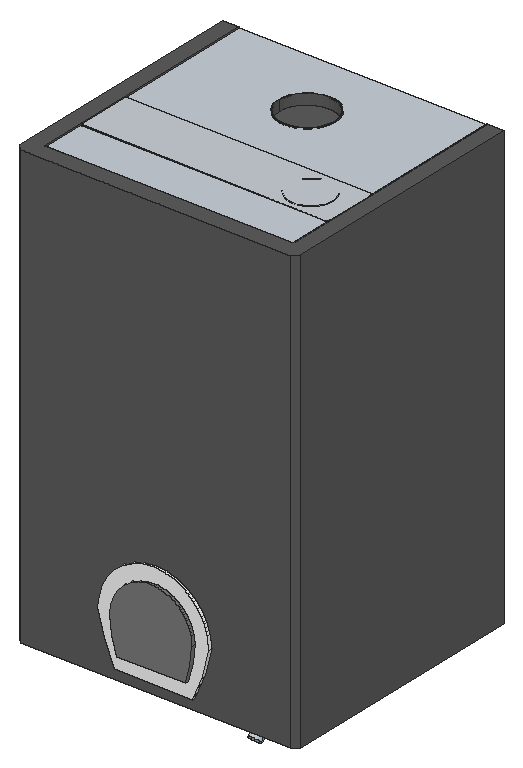
Revit family "Котел газовый настенный_VARME_FedericaBugatti_R20", category Оборудование, Revit 2020
Family settings
  Размер круглого соединителя = Использовать диаметр
  Классификация = Нет
  Тип детали = Нормальный
  На основе рабочей плоскости = Нет
  Всегда вертикально = Да
  При загрузке вырезать с полостями = Нет
  Общий = Нет
  Точка расчета площади = Да
Parameters (values of type "VarmeCond_80")
  Материал_Крепление_Настенное = ADSK_Металл_Сталь нержавеющая
  Материал_Дисплей_Контур = ADSK_Полимеры_Пластик белый
  Материал_Дисплей = ADSK_Полимеры_Пластик черный
  Крышка_Фильтра_Отступ = 309 mm
  Патрубок_Смещение = 0 mm
  Патрубок_Отступ_2 = 87.2 mm
  Патрубок_Отступ_1 = 225 mm
  Патрубки_Высота = 30 mm  # constant formula
  Отметка по умолчанию = 0 mm
  Материал_Патрубки = ADSK_Металл_Сталь оцинкованная
  Материал_Корпус = ADSK_Металл_Сталь оцинкованная
  Материал_ВнешняяСтенка = ADSK_Металл_Окрашенный_Черный темный
  Материал_Крышка_Фильтра = ADSK_Металл_Сталь нержавеющая
  Котел_Ширина = 468.1 mm
  Котел_Отступ_От_Стены [instance] = 20 mm  # constant formula
  Дымоход_Диаметр_100 [instance] = yes
  Дымоход_Диаметр [instance] = ADSK_Размер_Диаметр + 3 mm  # 103 mm
  ADSK_Расход жидкости = 0.0 L/s
  ADSK_Размер_Ширина = 478.7 mm
  ADSK_Размер_Диаметр [instance] = if(Дымоход_Диаметр_100, 100 mm, 150 mm)  # 100 mm
  ADSK_Размер_Глубина = 508 mm  # constant formula
  ADSK_Размер_Высота = 797.9 mm  # constant formula
  ADSK_Примечание [instance] = ""
  ADSK_Полная мощность = ADSK_Номинальная мощность / ADSK_Коэффициент мощности  # 82000 VA
  ADSK_Позиция [instance] = ""
  ADSK_Обозначение = ""
  ADSK_Номинальная мощность = 82000 W
  ADSK_Напряжение = 230 V  # constant formula
  ADSK_Наименование = "Котел газовый настенный Federica Bugatti Varme Heat 80 Cond Eco BLACK"
  ADSK_Масса_Текст = "73"
  ADSK_Масса = 73
  ADSK_Марка = "Varme Heat 80 Cond Eco"
  ADSK_Коэффициент мощности = 1  # constant formula
  ADSK_Количество фаз = 1
  ADSK_Количество = 1  # constant formula
  ADSK_Код изделия = ""
  ADSK_Классификация нагрузок = Прочее
  ADSK_КПД = 97  # constant formula
  ADSK_Завод-изготовитель = "Federica Bugatti"  # constant formula
  ADSK_Единица измерения = "шт"  # constant formula
Types (5, lengths in mm): name | Крышка_Фильтра_Отступ | Патрубок_Смещение | Патрубок_Отступ_2 | Патрубок_Отступ_1 | Материал_ВнешняяСтенка | Котел_Ширина | ADSK_Размер_Ширина | ADSK_Полная мощность | ADSK_Номинальная мощность | ADSK_Наименование | ADSK_Масса_Текст | ADSK_Масса | ADSK_Марка
  (no name) | 309 | 0 | 87.2 | 225 | ADSK_Металл_Окрашенный_Черный темный | 468.1 | 478.7 | 82000 VA | 82000 W | "Котел газовый настенный Federica Bugatti Varme Heat 80 Cond Eco BLACK" | "73" | 73 | "Varme Heat 80 Cond Eco"
  VarmeCond_80 | 309 | 0 | 87.2 | 225 | ADSK_Металл_Окрашенный_Черный темный | 468.1 | 478.7 | 82000 VA | 82000 W | "Котел газовый настенный Federica Bugatti Varme Heat 80 Cond Eco BLACK" | "73" | 73 | "Varme Heat 80 Cond Eco"
  VarmeCond_99 | 309 | 0 | 87.2 | 225 | ADSK_Полимеры_Пластик черный | 468.1 | 478.7 | 96000 VA | 96000 W | "Котел газовый настенный Federica Bugatti Varme Heat 99 Cond Eco BLACK" | "82" | 82 | "Varme Heat 99 Cond Eco"
  VarmeCond_120 | 379 | 0 | 87.2 | 275 | ADSK_Полимеры_Пластик черный | 612.1 | 622.7 | 121000 VA | 121000 W | "Котел газовый настенный Federica Bugatti Varme 120 Cond B Pro BLACK" | "93" | 93 | "Varme 120 Cond B Pro"
  VarmeCond_150 | 379 | 81 | 113.2 | 275 | ADSK_Полимеры_Пластик черный | 612.1 | 622.7 | 150200 VA | 150200 W | "Котел газовый настенный Federica Bugatti Varme 150 Cond B Pro BLACK" | "102" | 102 | "Varme 150 Cond B Pro"
Reference planes
  plane 1 "По центру (Вперед/Назад)": y = 0
  plane 2: z = 0
  plane 3 "По центру (Влево/Вправо)": x = 0
  plane 4: y = -20
  plane 5: x = -254
  plane 6: x = 254
  plane 7: y = -498.7
  plane 8: z = 827.9
  plane 9: z = 663.7
  plane 10: z = 30
  plane 11: y = -147.4
  plane 12: y = -329
  plane 13: x = 152
  plane 14: y = -107.2
  plane 15: y = -106.4
  plane 16: y = -245
  plane 17: x = 165.4
  plane 18: x = 66.4
  plane 19: y = -171.2
  plane 20: y = -107.2
  plane 21: x = -75
  plane 22: x = -118.6
  plane 23: y = -408.7
  plane 24: y = -259.35
  plane 25: y = -488.1
  plane 26: z = 807.9
  plane 27: y = -279
  plane 28: y = -379
  plane 29: x = -224
  plane 30: x = 224
  plane 31: z = 10
  plane 32: z = 50
  plane 33: z = 200
  plane 34: x = 70
  plane 35: x = -70
  plane 36: x = 100
  plane 37: x = -100
  plane 38: z = 140
  plane 39: y = -493.4
  plane 40: y = -458.1
  plane 41: z = 826.9
  plane 42: z = 802.9
  plane 43: z = 130
Forms (mm)
  Extrusion 1, solid, material "ADSK_Металл_Сталь оцинкованная" <- "Материал_Патрубки"
    sketch origin (0, -365.147, -97.279) x (1, 0, 0) y (0, 0.707107, -0.707107)
      loop
        circle (165.4, -150) r 10.65
    from 0 to 40.407
  Extrusion 2, solid, material "ADSK_Металл_Сталь оцинкованная" <- "Материал_Патрубки"
    sketch origin (0, -300, 0) x (1, 0, 0) y (0, 1, 0)
      loop
        circle (66.4, 128.8) r 8.5
    from 0 to 30
  Extrusion 3, solid, material "ADSK_Металл_Сталь оцинкованная" <- "Материал_Патрубки"
    sketch origin (0, -300, 0) x (1, 0, 0) y (0, 1, 0)
      loop
        circle (165.4, 55) r 13.4
    from 10 to 30
  Extrusion 4, solid, material "ADSK_Металл_Сталь оцинкованная" <- "Материал_Патрубки"
    sketch origin (0, -300, 0) x (1, 0, 0) y (0, 1, 0)
      loop
        circle (66.4, 192.8) r 21.15
    from 0 to 30
  Extrusion 5, solid, material "ADSK_Металл_Сталь оцинкованная" <- "Материал_Патрубки"
    sketch origin (0, -300, 0) x (1, 0, 0) y (0, 1, 0)
      loop
        circle (165.4, 192.8) r 21.15
    from 0 to 30
  Extrusion 6, solid, material "ADSK_Металл_Сталь оцинкованная" <- "Материал_Патрубки"
    sketch origin (0, -300, 0) x (1, 0, 0) y (0, 1, 0)
      loop
        circle (-75, 193.6) r 24.15
    from 10 to 30
  Extrusion 7, solid, material "ADSK_Металл_Сталь оцинкованная" <- "Материал_Патрубки"
    sketch origin (0, 0, 0) x (1, 0, 0) y (0, 1, 0)
      loop
        circle (-118.6, -106.4) r 10.65
    from 10 to 30
  Extrusion 8, void
    sketch origin (0, 0, 0) x (1, 0, 0) y (0, 1, 0)
      loop
        circle (0, -147.4) r 50
    from 807.9 to 827.9
  Extrusion 9, solid, material "ADSK_Металл_Сталь нержавеющая" <- "Материал_Крышка_Фильтра"
    sketch origin (0, 0, 0) x (1, 0, 0) y (0, 1, 0)
      loop
        circle (152, -329) r 40
    from 826.9 to 827.9
  Extrusion 10, solid, material "ADSK_Металл_Сталь нержавеющая" <- "Материал_Крышка_Фильтра"
    sketch origin (0, 0, 0) x (1, 0, 0) y (0, 1, 0)
      loop
        arc (-219, -279) -> (-222.536, -280.464) -> (-224, -284) r 5
        line (-224, -284) -> (-224, -374)
        arc (-224, -374) -> (-222.536, -377.536) -> (-219, -379) r 5
        line (-219, -379) -> (219, -379)
        arc (219, -379) -> (222.536, -377.536) -> (224, -374) r 5
        line (224, -374) -> (224, -284)
        arc (224, -284) -> (222.536, -280.464) -> (219, -279) r 5
        line (219, -279) -> (-219, -279)
    from 826.9 to 827.9
  Extrusion 11, solid, material "ADSK_Металл_Окрашенный_Черный темный" <- "Материал_ВнешняяСтенка"
    sketch origin (0, 0, 0) x (1, 0, 0) y (0, 1, 0)
      loop
        line (-244, -488.1) -> (244, -488.1) -> (254, -478.1) -> (254, -20) -> (224, -20) -> (224, -458.1) -> (-224, -458.1) -> (-224, -20) -> (-254, -20) -> (-254, -478.1) -> (-244, -488.1)
    from 30 to 827.9
  Extrusion 12, solid, material "ADSK_Полимеры_Пластик белый" <- "Материал_Дисплей_Контур"
    sketch origin (0, 0, 0) x (1, 0, 0) y (0, 0, 1)
      loop
        line (-70, 50) -> (70, 50)
        arc (70, 50) -> (88.477, 93.841) -> (100, 140) r 308.822
        arc (100, 140) -> (0, 240) -> (-100, 140) r 100
        arc (-100, 140) -> (-88.477, 93.841) -> (-70, 50) r 308.822
    from 488.1 to 493.4
  Extrusion 13, solid, material "ADSK_Полимеры_Пластик черный" <- "Материал_Дисплей"
    sketch origin (0, 0, 0) x (1, 0, 0) y (0, 0, 1)
      loop
        line (-61.686, 75.9) -> (61.686, 75.9)
        arc (61.686, 75.9) -> (70.504, 107.445) -> (74.115, 140) r 202.329
        arc (74.115, 140) -> (0, 214.115) -> (-74.115, 140) r 74.115
        arc (-74.115, 140) -> (-70.504, 107.445) -> (-61.686, 75.9) r 202.329
    from 493.4 to 498.7
  Extrusion 14, solid, material "ADSK_Металл_Сталь оцинкованная" <- "Материал_Корпус"
    sketch origin (0, 0, 0) x (1, 0, 0) y (0, 1, 0)
      loop
        line (-224, -20) -> (-224, -458.1) -> (224, -458.1) -> (224, -20) -> (-224, -20)
    from 30 to 826.9
  Extrusion 15, solid, material "ADSK_Металл_Окрашенный_Черный темный" <- "Материал_ВнешняяСтенка"
    sketch origin (0, 0, 0) x (1, 0, 0) y (0, 1, 0)
      loop
        circle (0, -147.4) r 51.5
    from 802.9 to 826.9
  Extrusion 16, void
    sketch origin (45, 0, 0) x (1, 0, 0) y (0, 1, 0)
      loop
        circle (-45, -147.4) r 51.5
    from 802.9 to 826.9
  Extrusion 17, solid, material "ADSK_Металл_Сталь оцинкованная" <- "Материал_Корпус"
    sketch origin (0, 0, 0) x (1, 0, 0) y (0, 0, 1)
      loop
        circle (0, 130) r 1.5
    from 20 to 106.4
Cuts and joins
  Extrusion 8 cuts Extrusion 11
  Extrusion 16 cuts Extrusion 14
  Extrusion 8 cuts Extrusion 15
Dimensions and locks
  "ADSK_Размер_Ширина": plane 4 to plane 7
  equal spacing: plane 5, plane 3 "По центру (Влево/Вправо)", plane 6
  "ADSK_Размер_Глубина": plane 5 to plane 6
  "Патрубки_Высота": plane 10 to plane 2
  locked: plane 9 to plane 10 at 633.7
  "ADSK_Размер_Высота": plane 8 to plane 10
  locked: plane 13 to plane 6 at 102
  "Крышка_Фильтра_Отступ": plane 4 to plane 12
  locked: plane 4 to plane 11 at 127.4
  "Патрубок_Отступ_1": plane 4 to plane 16
  locked: plane 4 to plane 15 at 86.4
  "Патрубок_Отступ_2": plane 4 to plane 14
  locked: plane 17 to plane 6 at 88.6
  locked: plane 18 to plane 17 at 99
  "Патрубок_Смещение": plane 20 to plane 14
  locked: plane 20 to plane 19 at 64
  locked: plane 5 to plane 21 at 179
  locked: plane 22 to plane 21 at 43.6
  locked: plane 7 to plane 23 at 90
  equal spacing: plane 4, plane 24, plane 7
  "Котел_Отступ_От_Стены": plane 4 to plane 1 "По центру (Вперед/Назад)"
  locked: plane 8 to plane 26 at 20
  equal spacing: plane 27, plane 12, plane 28
  locked: plane 27 to plane 28 at 100
  locked: plane 5 to plane 29 at 30
  locked: plane 30 to plane 6 at 30
  locked: plane 5 to Extrusion 11 sketch curve at 10
  locked: Extrusion 11 sketch curve to plane 6 at 10
  locked: plane 25 to Extrusion 11 sketch curve at 10  (x2)
  locked: plane 31 to plane 2 at 10
  locked: plane 34 to plane 35 at 140
  equal spacing: plane 35, plane 3 "По центру (Влево/Вправо)", plane 34
  equal spacing: plane 36, plane 3 "По центру (Влево/Вправо)", plane 37
  locked: plane 37 to plane 36 at 200
  locked: plane 32 to plane 10 at 20
  locked: plane 33 to plane 32 at 150
  plane 33 to plane 38 = 60 mm
  locked: plane 25 to plane 40 at 30
  plane 8 to plane 41 = 1 mm
  locked: plane 41 to plane 26 at 19
  locked: plane 26 to plane 42 at 5
  "Котел_Ширина": plane 4 to plane 25
  equal spacing: plane 7, plane 39, plane 25
  plane 43 to plane 10 = 100 mm
  diameter of Extrusion 1 sketch curve = 21.3 mm
  diameter of Extrusion 2 sketch curve = 17 mm
  diameter of Extrusion 3 sketch curve = 26.8 mm
  diameter of Extrusion 4 sketch curve = 42.3 mm
  diameter of Extrusion 5 sketch curve = 42.3 mm
  diameter of Extrusion 6 sketch curve = 48.3 mm
  diameter of Extrusion 7 sketch curve = 21.3 mm
  "ADSK_Размер_Диаметр": diameter of Extrusion 8 sketch curve
  diameter of Extrusion 9 sketch curve = 80 mm
  "Дымоход_Диаметр": diameter of Extrusion 15 sketch curve
  "Дымоход_Диаметр": diameter of Extrusion 16 sketch curve
  diameter of Extrusion 17 sketch curve = 3 mm
  aligned and locked: level to plane 2
  aligned and locked: plane 19 to Extrusion 2 sketch curve
  aligned and locked: plane 18 to Extrusion 2 sketch curve
  aligned and locked: plane 16 to Extrusion 3 sketch curve
  aligned and locked: plane 17 to Extrusion 3 sketch curve
  aligned and locked: plane 20 to Extrusion 4 sketch curve
  aligned and locked: plane 18 to Extrusion 4 sketch curve
  aligned and locked: plane 14 to Extrusion 5 sketch curve
  aligned and locked: plane 17 to Extrusion 5 sketch curve
  aligned and locked: plane 21 to Extrusion 6 sketch curve
  aligned and locked: plane 15 to Extrusion 6 sketch curve
  aligned and locked: plane 15 to Extrusion 7 sketch curve
  aligned and locked: plane 22 to Extrusion 7 sketch curve
  aligned and locked: plane 3 "По центру (Влево/Вправо)" to Extrusion 8 sketch curve
  aligned and locked: plane 11 to Extrusion 8 sketch curve
  aligned and locked: Extrusion 2 to plane 2
  aligned and locked: Extrusion 4 to plane 2
  aligned and locked: Extrusion 5 to plane 2
  aligned and locked: plane 2 to Extrusion 2
  aligned and locked: plane 2 to Extrusion 4
  aligned and locked: plane 2 to Extrusion 5
  aligned and locked: plane 10 to Extrusion 7
  aligned and locked: plane 10 to Extrusion 6
  aligned and locked: plane 10 to Extrusion 4
  aligned and locked: plane 10 to Extrusion 2
  aligned and locked: plane 10 to Extrusion 3
  aligned and locked: plane 10 to Extrusion 5
  aligned and locked: plane 13 to Extrusion 9 sketch curve
  aligned and locked: plane 12 to Extrusion 9 sketch curve
  aligned and locked: plane 8 to Extrusion 9
  aligned and locked: Extrusion 10 sketch curve to plane 27
  aligned and locked: Extrusion 10 sketch curve to plane 28
  aligned and locked: Extrusion 10 sketch curve to plane 29
  aligned and locked: plane 30 to Extrusion 10 sketch curve
  aligned and locked: plane 8 to Extrusion 10
  aligned and locked: Extrusion 11 sketch curve to plane 5
  aligned and locked: Extrusion 11 sketch curve to plane 6
  aligned and locked: plane 25 to Extrusion 11 sketch curve
  aligned and locked: plane 8 to Extrusion 11
  aligned and locked: Extrusion 11 to plane 10
  aligned and locked: plane 31 to Extrusion 3
  aligned and locked: plane 31 to Extrusion 6
  aligned and locked: plane 31 to Extrusion 7
  aligned and locked: plane 26 to Extrusion 8
  aligned and locked: plane 8 to Extrusion 8
  aligned and locked: plane 32 to Extrusion 12 sketch curve
  aligned and locked: plane 36 to Extrusion 12 sketch curve
  aligned and locked: plane 38 to Extrusion 12 sketch curve  (x2)
  aligned and locked: plane 37 to Extrusion 12 sketch curve
  aligned and locked: Extrusion 12 to plane 25
  aligned and locked: plane 7 to Extrusion 13
  aligned and locked: Extrusion 13 to Extrusion 12
  aligned and locked: Extrusion 12 to plane 39
  aligned and locked: Extrusion 13 to plane 7
  aligned and locked: plane 39 to Extrusion 13
  aligned and locked: plane 29 to Extrusion 11 sketch curve
  aligned and locked: Extrusion 11 sketch curve to plane 30
  aligned and locked: plane 40 to Extrusion 11 sketch curve
  aligned and locked: Extrusion 11 sketch curve to plane 4
  aligned and locked: plane 4 to Extrusion 11 sketch curve
  aligned and locked: Extrusion 14 sketch curve to plane 29
  aligned and locked: Extrusion 14 sketch curve to plane 4
  aligned and locked: Extrusion 14 sketch curve to plane 30
  aligned and locked: Extrusion 14 sketch curve to plane 40
  aligned and locked: Extrusion 14 to plane 10
  aligned and locked: plane 11 to Extrusion 15 sketch curve
  aligned and locked: plane 3 "По центру (Влево/Вправо)" to Extrusion 15 sketch curve
  aligned and locked: Extrusion 14 to plane 41
  aligned and locked: plane 41 to Extrusion 10
  aligned and locked: plane 41 to Extrusion 9
  aligned and locked: Extrusion 15 to plane 41
  aligned and locked: plane 11 to Extrusion 16 sketch curve
  aligned and locked: plane 3 "По центру (Влево/Вправо)" to Extrusion 16 sketch curve
  aligned and locked: plane 26 to cut or joined group of Extrusion 8, Extrusion 15  (x4)
  aligned and locked: cut or joined group of Extrusion 8, Extrusion 15 to plane 41
  aligned and locked: cut or joined group of Extrusion 14, Extrusion 16 to plane 41
  aligned and locked: cut or joined group of Extrusion 8, Extrusion 15 to plane 42
  aligned and locked: cut or joined group of Extrusion 14, Extrusion 16 to plane 42
  aligned and locked: plane 41 to cut or joined group of Extrusion 8, Extrusion 15
  aligned and locked: plane 9 to nested 1
  aligned and locked: nested 1 to plane 3 "По центру (Влево/Вправо)"
  aligned and locked: plane 43 to Extrusion 17 sketch curve
  aligned and locked: plane 3 "По центру (Влево/Вправо)" to Extrusion 17 sketch curve
  aligned and locked: plane 4 to Extrusion 17
  aligned and locked: Extrusion 17 to plane 15
Automatic sketch dimensions
  Extrusion 1 sketch curve to plane 17 = 0 mm
  Extrusion 10 sketch curve to plane 29 = 5 mm
  Extrusion 10 sketch curve to plane 27 = 5 mm
  Extrusion 10 sketch curve to plane 30 = 5 mm  (x2)
  plane 35 to Extrusion 12 sketch curve = 0 mm
  Extrusion 12 sketch curve to plane 34 = 0 mm
  Extrusion 12 sketch curve to plane 33 = 8.501 mm  (x2)
  Extrusion 13 sketch curve to plane 38 = 0 mm
  Extrusion 13 sketch curve to plane 3 "По центру (Влево/Вправо)" = 0 mm
  Extrusion 13 sketch curve to plane 35 = 8.314 mm
  plane 22 to Extrusion 13 sketch curve = 9.525 mm
  plane 18 to Extrusion 13 sketch curve = 4.714 mm
  Extrusion 13 sketch curve to plane 38 = 5.959 mm
  Extrusion 13 sketch curve to plane 13 = 23.875 mm
  Extrusion 13 sketch curve to plane 32 = 25.9 mm
Nested families
  nested 1: "Крепление настенное_R20" at (0, -20, 663.7) x (-1, 0, 0) z (0, 1, 0), ADSK_Материал <- "Материал_Крепление_Настенное", type "Крепление"
    with ADSK_Материал ADSK_Металл_Сталь нержавеющая
Connectors
  piping at (165.4, -471.213, 8.787), diameter 15
    settings: on Extrusion 1, index 1, connector inside diameter 609.6 mm, connector length 0 mm, flow factor 0, pipe flow 0.0 L/s, pressure drop 0.0 Pa, fitting loss kfactor 0, connector angle 45.00°, fixture units 0, engagement length 0 mm, angle of deflection 0.00°, flow configuration 0, flow direction 0, fitting loss method 0, system type 28, joint type 0, gender type 0, connector reference index -1, connector utility 0, adjustable connector no, is connector primary no, connector description ""
  piping at (165.4, -245, 10), diameter 20
    settings: on Extrusion 3, index 2, connector inside diameter 609.6 mm, connector length 0 mm, flow factor 0, pipe flow 0.0 L/s, pressure drop 0.0 Pa, fitting loss kfactor 0, connector angle 0.00°, fixture units 0, engagement length 0 mm, angle of deflection 0.00°, flow configuration 0, flow direction 0, fitting loss method 0, system type 29, joint type 0, gender type 0, connector reference index -1, connector utility 0, adjustable connector no, is connector primary no, connector description "Подключение газа"
  piping at (66.4, -171.2, 0), diameter 10
    settings: on Extrusion 2, index 3, connector inside diameter 609.6 mm, connector length 0 mm, flow factor 0, pipe flow 0.0 L/s, pressure drop 0.0 Pa, fitting loss kfactor 0, connector angle 0.00°, fixture units 0, engagement length 0 mm, angle of deflection 0.00°, flow configuration 0, flow direction 2, fitting loss method 0, system type 29, joint type 0, gender type 0, connector reference index -1, connector utility 0, adjustable connector no, is connector primary no, connector description "Выходной патрубок пред. клапана"
  piping at (165.4, -107.2, 0), diameter 32, driven by "ADSK_Расход жидкости"
    settings: on Extrusion 5, index 4, connector inside diameter 609.6 mm, connector length 0 mm, flow factor 0, pipe flow 0.0 L/s, pressure drop 0.0 Pa, fitting loss kfactor 0, connector angle 0.00°, fixture units 0, engagement length 0 mm, angle of deflection 0.00°, flow configuration 1, flow direction 1, fitting loss method 4, system type 8, joint type 0, gender type 0, connector reference index 5, connector utility 0, adjustable connector no, is connector primary yes, connector description "Обратная линия отопления"
  piping at (66.4, -107.2, 0), diameter 32, driven by "ADSK_Расход жидкости"
    settings: on Extrusion 4, index 5, connector inside diameter 609.6 mm, connector length 0 mm, flow factor 0, pipe flow 0.0 L/s, pressure drop 0.0 Pa, fitting loss kfactor 0, connector angle 0.00°, fixture units 0, engagement length 0 mm, angle of deflection 0.00°, flow configuration 1, flow direction 2, fitting loss method 4, system type 19, joint type 0, gender type 0, connector reference index 4, connector utility 0, adjustable connector no, is connector primary no, connector description "Подающая линия отопления"
  piping at (-75, -106.4, 10), diameter 40
    settings: on Extrusion 6, index 7, connector inside diameter 609.6 mm, connector length 0 mm, flow factor 0, pipe flow 0.0 L/s, pressure drop 0.0 Pa, fitting loss kfactor 0, connector angle 0.00°, fixture units 0, engagement length 0 mm, angle of deflection 0.00°, flow configuration 1, flow direction 2, fitting loss method 0, system type 16, joint type 0, gender type 0, connector reference index -1, connector utility 0, adjustable connector no, is connector primary no, connector description "Сифон для удаления конденсата"
  piping at (0, -147.4, 827.9), diameter 100, driven by "ADSK_Размер_Диаметр"
    settings: on Extrusion 8, index 8, connector inside diameter 609.6 mm, connector length 0 mm, flow factor 0, pipe flow 0.0 L/s, pressure drop 0.0 Pa, fitting loss kfactor 0, connector angle 0.00°, fixture units 0, engagement length 0 mm, angle of deflection 0.00°, flow configuration 0, flow direction 2, fitting loss method 0, system type 22, joint type 0, gender type 0, connector reference index -1, connector utility 0, adjustable connector no, is connector primary no, connector description "Дымоход"
  electrical at (0, -20, 130), driven by "ADSK_Напряжение", driven by "ADSK_Классификация нагрузок", driven by "ADSK_Полная мощность", driven by "ADSK_Коэффициент мощности", driven by "ADSK_Количество фаз"
    settings: on Extrusion 17, index 9, voltage 230 V, apparent load 82000 VA, apparent load phase1 0 VA, apparent load phase2 0 VA, apparent load phase3 0 VA, power factor 1, load classification "Прочее", number of poles 1, system type 30, power factor state 1, is connector primary yes, connector utility no, sub classification motor no, connector description ""
Definition of nested family "Крепление настенное_R20"
  Parameters (values of type "Крепление")
    Default Elevation = 1219.2 mm
    ADSK_Материал [instance] = none
  Reference planes
    plane 1 "По центру (Вперед/Назад)": y = 0
    plane 2: z = 0
    plane 3 "По центру (Влево/Вправо)": x = 0
    plane 4: y = 15
    plane 5: y = -15
    plane 6: x = -71.95
    plane 7: x = -101.95
    plane 8: x = -125
    plane 9: x = 71.95
    plane 10: x = 101.95
    plane 11: x = 125
    plane 12: y = 35
    plane 13: z = 10
    plane 14: z = 20
  Forms (mm)
    Extrusion 1, solid
      sketch origin (0, 0, 0) x (1, 0, 0) y (0, 1, 0)
        loop
          line (-1219.2, 1219.2) -> (-1219.2, -1219.2) -> (1219.2, -1219.2) -> (1219.2, 1219.2) -> (-1219.2, 1219.2)
      from 0 to -304.8
    Extrusion 2, solid, material <- "ADSK_Материал"
      sketch origin (0, 0, 0) x (0, 1, 0) y (0, 0, 1)
        loop
          line (35, 10) -> (25, 10)
          arc (25, 10) -> (19.131, 14.131) -> (15, 20) r 20.952
          line (15, 20) -> (-15, 20) -> (-15, 10) -> (11.125, 10)
          arc (11.125, 10) -> (15.256, 4.131) -> (21.125, 0) r 20.952
          line (21.125, 0) -> (35, 0) -> (35, 10)
      from -125 to 125
    Extrusion 3, void
      sketch origin (0, 0, 10) x (1, 0, 0) y (0, 1, 0)
        loop
          circle (-101.95, 0) r 5
        loop
          arc (-79.45, 5) -> (-84.45, 0) -> (-79.45, -5) r 5
          line (-79.45, -5) -> (-64.45, -5)
          arc (-64.45, -5) -> (-59.45, 0) -> (-64.45, 5) r 5
          line (-64.45, 5) -> (-79.45, 5)
        loop
          circle (-45, 0) r 5
        loop
          circle (-15, 0) r 5
        loop
          circle (101.95, 0) r 5
        loop
          line (79.45, 5) -> (64.45, 5)
          arc (64.45, 5) -> (59.45, 0) -> (64.45, -5) r 5
          line (64.45, -5) -> (79.45, -5)
          arc (79.45, -5) -> (84.45, 0) -> (79.45, 5) r 5
        loop
          circle (45, 0) r 5
        loop
          circle (15, 0) r 5
      from 0 to 10
  Cuts and joins
    Extrusion 3 cuts Extrusion 2
  Dimensions and locks
    equal spacing: plane 6, plane 3 "По центру (Влево/Вправо)", plane 9
    plane 6 to plane 9 = 143.9 mm
    equal spacing: plane 7, plane 3 "По центру (Влево/Вправо)", plane 10
    plane 7 to plane 10 = 203.9 mm
    equal spacing: plane 8, plane 3 "По центру (Влево/Вправо)", plane 11
    plane 8 to plane 11 = 250 mm
    plane 1 "По центру (Вперед/Назад)" to plane 5 = 15 mm
    plane 1 "По центру (Вперед/Назад)" to plane 4 = 15 mm
    plane 12 to plane 4 = 20 mm
    plane 13 to plane 2 = 10 mm
    plane 14 to plane 13 = 10 mm
    aligned and locked: plane 2 to Extrusion 1
    aligned and locked: level to Extrusion 1
    aligned and locked: Extrusion 2 sketch curve to plane 12
    aligned and locked: plane 5 to Extrusion 2 sketch curve
    aligned and locked: plane 8 to Extrusion 2
    aligned and locked: plane 11 to Extrusion 2
    aligned and locked: plane 4 to Extrusion 2 sketch curve
    aligned and locked: plane 13 to Extrusion 2 sketch curve
    aligned and locked: Extrusion 2 sketch curve to plane 2
    aligned and locked: Extrusion 2 sketch curve to plane 13
    aligned and locked: Extrusion 2 sketch curve to plane 14
    aligned and locked: Extrusion 3 to plane 13
    aligned and locked: Extrusion 2 to plane 14
    aligned and locked: plane 14 to Extrusion 3
  Automatic sketch dimensions
    Extrusion 1 sketch curve to Extrusion 1 sketch curve = 2438.4 mm  (x2)
    Extrusion 2 sketch curve to plane 4 = 3.875 mm
    plane 4 to Extrusion 2 sketch curve = 6.125 mm
    plane 4 to Extrusion 2 sketch curve = 10 mm
    plane 14 to Extrusion 2 sketch curve = 1.054 mm
    plane 12 to Extrusion 2 sketch curve = 1.054 mm
    plane 1 "По центру (Вперед/Назад)" to Extrusion 3 sketch curve = 0 mm  (x8)
    Extrusion 3 sketch curve to plane 7 = 0 mm
    Extrusion 3 sketch curve to plane 10 = 0 mm
    Extrusion 3 sketch curve to plane 6 = 7.5 mm
    plane 6 to Extrusion 3 sketch curve = 7.5 mm
    Extrusion 3 sketch curve to Extrusion 3 sketch curve = 19.45 mm
    Extrusion 3 sketch curve to plane 3 "По центру (Влево/Вправо)" = 15 mm
    plane 3 "По центру (Влево/Вправо)" to Extrusion 3 sketch curve = 15 mm
    plane 9 to Extrusion 3 sketch curve = 26.95 mm
    plane 9 to Extrusion 3 sketch curve = 7.5 mm
    Extrusion 3 sketch curve to plane 9 = 7.5 mm
    plane 1 "По центру (Вперед/Назад)" to Extrusion 3 sketch curve = 5 mm  (x2)
    radius of Extrusion 3 sketch curve = 5 mm  (x6)
